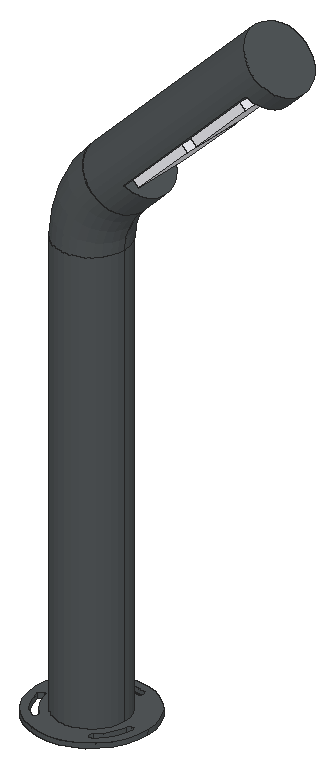
Revit family "Дио_мини", category Осветительные приборы, Revit 2019 (continued)
Parameters (values of type "ДТУ932 Светодиодный светильник Дио мини ДТУ-93-AF-12Вт-0,9")
     0.2 0.0 0.0 0.0 0.0 0.0 0.0 0.0 0.0 0.0 0.0 0.0 0.0 0.0 0.0 0.0 0.0 0.0 0.0 0.0 0.0 0.0 0.0 0.0 0.0 0.0 0.0 0.0 0.0 0.0 0.0 0.0\r\n 0.0 0.0 0.0 0.0 0.0 0.0 0.0 0.0 0.0 0.0 0.0 0.0 0.0 0.0 0.0 0.0 0.0 0.0 0.0 0.0 0.0 0.0 0.0 0.0 0.0 0.0 0.0 0.0 0.0 0.0 0.0 0.0\r\n 0.0 0.0 0.0 0.0 0.0 0.0 0.0 0.0 0.0 0.0 0.0 0.0 0.0 0.0 0.0 0.0 0.0 0.0 0.0 0.0 0.0 0.0 0.0 0.0 0.0 0.0 0.0 0.0 0.0 0.0 0.0 0.0\r\n 0.0 0.0 0.0 0.0 0.0 0.0 0.0 0.0 0.0 0.0 0.0 0.0 0.0 0.0 0.0 0.0 0.0 0.0 0.0 0.0 0.0 0.0 0.0 0.0 0.0 0.0 0.0 0.0 0.0 0.0 0.0 0.0\r\n 0.0 0.0 0.0 0.0 0.0 0.0 0.0 0.0 0.0 0.0 0.0 0.0 0.0 0.0 0.0 0.0 0.0 0.0 0.0 0.0 0.0 0.0 0.0 0.0 0.0 0.0 0.0 0.0 0.0 0.0 0.0 0.0\r\n 0.0\r\n258.3 259.4 257.6 255.6 253.4 251.7 249.7 247.7 245.5 243.0 240.2 236.7 233.8 231.0 228.5 226.3 223.7 221.4 219.5 217.8 216.1\r\n 214.3 212.5 210.1 207.4 204.3 201.0 197.3 193.1 188.8 183.9 178.8 173.3 168.0 163.1 158.3 154.0 150.1 146.3 142.3 137.8 133.3\r\n 129.2 125.5 121.8 118.1 114.4 110.8 107.4 104.3 101.3 98.2 95.5 93.0 90.6 88.2 85.8 83.5 81.2 79.1 76.9 74.9 73.0 71.0 69.2 67.3\r\n 65.3 63.5 61.7 60.1 58.8 57.6 56.5 55.5 54.7 54.0 53.3 52.6 51.8 51.1 50.4 49.7 49.0 48.2 47.2 46.1 44.9 43.7 42.5 41.3 40.1 39.0\r\n 38.0 37.1 36.3 35.6 35.1 34.7 34.4 34.3 34.2 34.2 34.1 34.0 34.0 34.1 34.3 34.5 34.7 34.8 35.0 35.3 35.5 35.7 36.1 36.6 37.1 37.6\r\n 38.3 39.0 39.9 41.3 43.8 47.6 53.3 58.9 63.8 68.7 74.0 79.9 86.8 93.9 99.7 102.5 100.0 94.3 90.3 88.0 86.5 85.0 83.0 81.4 80.5\r\n 80.2 79.9 79.9 80.0 79.9 79.5 78.4 76.4 73.3 69.3 65.4 63.4 62.1 60.8 59.3 56.2 50.5 44.4 40.0 36.1 33.4 31.5 29.9 28.0 26.3 24.5\r\n 22.7 20.9 19.2 16.8 14.2 12.6 11.4 9.6 6.6 5.2 4.6 4.2 4.1 3.9 3.8 3.5 3.2 2.7 2.4 2.0 1.6 1.3 0.8 0.4 0.2 0.2 0.2 0.2 0.2 0.2\r\n 0.2 0.2 0.0 0.0 0.0 0.0 0.0 0.0 0.0 0.0 0.0 0.0 0.0 0.0 0.0 0.0 0.0 0.0 0.0 0.0 0.0 0.0 0.0 0.0 0.0 0.0 0.0 0.0 0.0 0.0 0.0 0.0\r\n 0.0 0.0 0.0 0.0 0.0 0.0 0.0 0.0 0.0 0.0 0.0 0.0 0.0 0.0 0.0 0.0 0.0 0.0 0.0 0.0 0.0 0.0 0.0 0.0 0.0 0.0 0.0 0.0 0.0 0.0 0.0 0.0\r\n 0.0 0.0 0.0 0.0 0.0 0.0 0.0 0.0 0.0 0.0 0.0 0.0 0.0 0.0 0.0 0.0 0.0 0.0 0.0 0.0 0.0 0.0 0.0 0.0 0.0 0.0 0.0 0.0 0.0 0.0 0.0 0.0\r\n 0.0 0.0 0.0 0.0 0.0 0.0 0.0 0.0 0.0 0.0 0.0 0.0 0.0 0.0 0.0 0.0 0.0 0.0 0.0 0.0 0.0 0.0 0.0 0.0 0.0 0.0 0.0 0.0 0.0 0.0 0.0 0.0\r\n 0.0 0.0 0.0 0.0 0.0 0.0 0.0 0.0 0.0 0.0 0.0 0.0 0.0 0.0 0.0 0.0 0.0 0.0 0.0 0.0 0.0 0.0 0.0 0.0 0.0 0.0 0.0 0.0 0.0 0.0 0.0 0.0\r\n 0.0 0.0\r\n258.3 259.6 257.8 255.8 253.7 251.9 249.8 247.9 245.8 243.1 240.1 236.4 233.5 230.9 228.3 226.2 223.6 221.3 219.5 217.8 216.1\r\n 214.2 212.4 209.6 206.9 203.6 200.2 196.5 192.1 187.3 182.1 176.8 171.0 165.6 160.6 155.8 151.8 148.2 144.5 140.3 135.6 131.0\r\n 127.0 123.6 119.8 115.9 111.9 108.3 105.0 102.3 99.3 96.3 93.8 91.4 89.0 86.6 84.2 81.7 79.4 77.3 75.1 73.1 71.2 69.4 67.7 65.8\r\n 63.9 62.1 60.5 59.0 57.7 56.6 55.7 54.8 54.1 53.6 53.1 52.5 51.8 51.0 50.4 49.8 49.1 48.2 47.1 45.9 44.7 43.4 42.2 41.0 39.9 38.9\r\n 37.9 37.0 36.2 35.6 35.0 34.7 34.5 34.4 34.4 34.3 34.2 34.2 34.2 34.3 34.5 34.8 35.0 35.1 35.4 35.8 36.0 36.3 36.8 37.4 38.1 38.7\r\n 39.4 40.2 40.9 42.2 44.9 49.4 56.8 63.2 67.7 72.6 78.0 83.8 91.2 99.4 106.2 108.9 102.8 92.7 88.1 86.8 86.6 85.9 83.8 82.2 81.5\r\n 81.4 81.1 81.1 81.4 81.3 80.9 79.5 77.0 73.1 68.2 64.2 63.0 62.4 61.2 59.8 56.6 49.9 43.2 38.5 34.2 31.1 29.3 27.9 26.3 24.9 23.4\r\n 21.8 20.0 18.1 15.7 13.0 11.9 10.9 8.6 5.1 4.0 4.1 4.1 4.0 4.0 4.0 3.8 3.6 3.2 3.1 2.6 2.2 1.8 1.2 0.5 0.2 0.2 0.2 0.2 0.2 0.2\r\n 0.2 0.2 0.0 0.0 0.0 0.0 0.0 0.0 0.0 0.0 0.0 0.0 0.0 0.0 0.0 0.0 0.0 0.0 0.0 0.0 0.0 0.0 0.0 0.0 0.0 0.0 0.0 0.0 0.0 0.0 0.0 0.0\r\n 0.0 0.0 0.0 0.0 0.0 0.0 0.0 0.0 0.0 0.0 0.0 0.0 0.0 0.0 0.0 0.0 0.0 0.0 0.0 0.0 0.0 0.0 0.0 0.0 0.0 0.0 0.0 0.0 0.0 0.0 0.0 0.0\r\n 0.0 0.0 0.0 0.0 0.0 0.0 0.0 0.0 0.0 0.0 0.0 0.0 0.0 0.0 0.0 0.0 0.0 0.0 0.0 0.0 0.0 0.0 0.0 0.0 0.0 0.0 0.0 0.0 0.0 0.0 0.0 0.0\r\n 0.0 0.0 0.0 0.0 0.0 0.0 0.0 0.0 0.0 0.0 0.0 0.0 0.0 0.0 0.0 0.0 0.0 0.0 0.0 0.0 0.0 0.0 0.0 0.0 0.0 0.0 0.0 0.0 0.0 0.0 0.0 0.0\r\n 0.0 0.0 0.0 0.0 0.0 0.0 0.0 0.0 0.0 0.0 0.0 0.0 0.0 0.0 0.0 0.0 0.0 0.0 0.0 0.0 0.0 0.0 0.0 0.0 0.0 0.0 0.0 0.0 0.0 0.0 0.0 0.0\r\n 0.0 0.0\r\n258.3 259.5 257.6 255.6 253.7 251.8 249.7 247.9 245.9 243.5 240.9 237.8 234.8 231.9 229.3 226.8 224.4 222.0 220.0 218.4 216.6\r\n 214.8 213.1 210.9 208.4 205.5 202.4 198.6 194.5 190.4 185.9 180.7 175.4 170.0 165.0 160.1 155.8 151.7 147.8 143.6 139.3 134.8\r\n 130.6 126.8 123.2 119.6 115.9 112.2 108.7 105.2 102.1 99.1 96.3 93.8 91.3 88.8 86.4 84.0 81.6 79.4 77.3 75.2 73.2 71.3 69.4 67.6\r\n 65.6 63.6 61.8 60.3 58.8 57.6 56.5 55.5 54.6 53.8 53.0 52.4 51.7 51.1 50.4 49.7 49.1 48.3 47.3 46.3 45.2 44.1 42.9 41.7 40.4 39.3\r\n 38.3 37.4 36.5 35.8 35.2 34.7 34.3 34.1 34.0 33.9 33.9 33.8 33.7 33.8 33.9 34.0 34.1 34.3 34.5 34.8 35.0 35.2 35.5 35.8 36.3 36.8\r\n 37.5 38.3 39.2 40.5 42.6 45.7 50.4 56.4 61.6 66.5 71.7 77.5 84.0 91.2 97.1 101.0 101.1 96.2 90.7 87.5 86.1 85.1 83.7 82.0 80.8\r\n 80.4 80.3 80.3 80.6 80.5 79.9 78.7 76.8 74.3 70.8 66.9 64.1 62.7 61.6 60.3 58.0 53.2 46.9 41.9 37.9 34.3 32.1 30.3 28.4 26.8 25.0\r\n 23.1 21.3 19.6 17.7 15.1 13.0 11.8 10.5 7.4 5.5 4.5 4.1 3.9 3.8 3.7 3.5 3.1 2.7 2.3 2.0 1.7 1.3 1.0 0.4 0.1 0.1 0.1 0.1 0.1 0.1\r\n 0.1 0.1 0.0 0.0 0.0 0.0 0.0 0.0 0.0 0.0 0.0 0.0 0.0 0.0 0.0 0.0 0.0 0.0 0.0 0.0 0.0 0.0 0.0 0.0 0.0 0.0 0.0 0.0 0.0 0.0 0.0 0.0\r\n 0.0 0.0 0.0 0.0 0.0 0.0 0.0 0.0 0.0 0.0 0.0 0.0 0.0 0.0 0.0 0.0 0.0 0.0 0.0 0.0 0.0 0.0 0.0 0.0 0.0 0.0 0.0 0.0 0.0 0.0 0.0 0.0\r\n 0.0 0.0 0.0 0.0 0.0 0.0 0.0 0.0 0.0 0.0 0.0 0.0 0.0 0.0 0.0 0.0 0.0 0.0 0.0 0.0 0.0 0.0 0.0 0.0 0.0 0.0 0.0 0.0 0.0 0.0 0.0 0.0\r\n 0.0 0.0 0.0 0.0 0.0 0.0 0.0 0.0 0.0 0.0 0.0 0.0 0.0 0.0 0.0 0.0 0.0 0.0 0.0 0.0 0.0 0.0 0.0 0.0 0.0 0.0 0.0 0.0 0.0 0.0 0.0 0.0\r\n 0.0 0.0 0.0 0.0 0.0 0.0 0.0 0.0 0.0 0.0 0.0 0.0 0.0 0.0 0.0 0.0 0.0 0.0 0.0 0.0 0.0 0.0 0.0 0.0 0.0 0.0 0.0 0.0 0.0 0.0 0.0 0.0\r\n 0.0 0.0\r\n258.3 259.3 257.5 255.5 253.7 251.7 249.7 247.9 245.9 243.5 240.8 237.6 234.6 231.9 229.3 226.9 224.4 221.9 219.9 218.2 216.5\r\n 214.7 212.9 210.7 208.2 205.5 202.4 198.9 194.8 190.6 186.1 181.2 176.0 170.7 165.5 160.7 156.2 152.1 148.3 144.3 139.9 135.4\r\n 131.2 127.4 123.9 120.4 116.7 112.9 109.4 106.3 103.2 100.1 97.3 94.7 92.2 89.8 87.4 85.1 82.7 80.4 78.2 76.1 74.1 72.1 70.1 68.2\r\n 66.2 64.3 62.5 60.9 59.4 58.2 57.0 56.0 55.0 54.1 53.3 52.4 51.7 50.9 50.2 49.5 48.9 48.1 47.3 46.4 45.3 44.0 42.8 41.6 40.4 39.2\r\n 38.1 37.1 36.2 35.5 34.9 34.4 34.0 33.6 33.5 33.4 33.3 33.2 33.2 33.2 33.3 33.5 33.6 33.8 33.9 34.1 34.2 34.4 34.7 35.0 35.4 35.8\r\n 36.5 37.2 38.2 39.8 42.0 44.8 48.5 53.4 58.6 63.7 69.1 75.4 81.8 87.3 91.8 94.8 96.0 94.8 91.6 88.2 85.6 83.6 82.0 80.8 79.8 79.5\r\n 79.6 79.8 79.8 79.4 78.5 77.4 75.8 73.7 70.7 67.2 64.3 62.5 61.3 59.8 56.8 51.8 46.3 42.1 38.9 36.2 34.2 32.2 30.2 28.0 25.9 24.0\r\n 22.2 20.5 18.5 15.8 13.7 12.3 10.8 8.2 6.3 5.0 4.3 3.9 3.7 3.4 3.2 2.7 2.1 1.6 1.3 1.1 0.8 0.5 0.2 0.1 0.1 0.1 0.1 0.1 0.1 0.1\r\n 0.1 0.0 0.0 0.0 0.0 0.0 0.0 0.0 0.0 0.0 0.0 0.0 0.0 0.0 0.0 0.0 0.0 0.0 0.0 0.0 0.0 0.0 0.0 0.0 0.0 0.0 0.0 0.0 0.0 0.0 0.0 0.0\r\n 0.0 0.0 0.0 0.0 0.0 0.0 0.0 0.0 0.0 0.0 0.0 0.0 0.0 0.0 0.0 0.0 0.0 0.0 0.0 0.0 0.0 0.0 0.0 0.0 0.0 0.0 0.0 0.0 0.0 0.0 0.0 0.0\r\n 0.0 0.0 0.0 0.0 0.0 0.0 0.0 0.0 0.0 0.0 0.0 0.0 0.0 0.0 0.0 0.0 0.0 0.0 0.0 0.0 0.0 0.0 0.0 0.0 0.0 0.0 0.0 0.0 0.0 0.0 0.0 0.0\r\n 0.0 0.0 0.0 0.0 0.0 0.0 0.0 0.0 0.0 0.0 0.0 0.0 0.0 0.0 0.0 0.0 0.0 0.0 0.0 0.0 0.0 0.0 0.0 0.0 0.0 0.0 0.0 0.0 0.0 0.0 0.0 0.0\r\n 0.0 0.0 0.0 0.0 0.0 0.0 0.0 0.0 0.0 0.0 0.0 0.0 0.0 0.0 0.0 0.0 0.0 0.0 0.0 0.0 0.0 0.0 0.0 0.0 0.0 0.0 0.0 0.0 0.0 0.0 0.0 0.0\r\n 0.0\r\n258.3 259.1 257.4 255.5 253.7 251.6 249.7 247.9 245.9 243.6 241.0 238.2 235.2 232.3 229.7 227.3 224.9 222.4 220.3 218.5 216.8\r\n 215.1 213.3 211.3 209.0 206.5 203.6 200.2 196.7 193.1 189.0 184.4 179.4 174.1 169.0 164.1 159.4 155.1 151.1 147.3 143.2 139.0\r\n 134.6 130.6 126.8 123.3 119.9 116.3 112.9 109.4 106.1 102.9 99.9 97.2 94.6 92.2 89.8 87.6 85.3 83.0 80.8 78.7 76.6 74.4 72.4 70.4\r\n 68.4 66.5 64.6 62.8 61.1 59.6 58.3 57.2 56.0 55.0 54.0 53.0 52.0 51.2 50.4 49.7 49.1 48.5 47.8 47.1 46.2 45.1 43.9 42.7 41.5 40.2\r\n 39.0 37.8 36.6 35.6 34.7 34.0 33.4 32.9 32.6 32.3 32.2 32.2 32.2 32.2 32.2 32.3 32.4 32.6 32.9 33.1 33.3 33.5 33.7 33.9 34.1 34.3\r\n 34.6 35.0 35.9 37.3 39.3 41.7 44.8 48.3 52.4 57.2 62.5 68.2 74.0 79.3 83.8 87.1 89.0 89.8 89.3 87.3 84.6 81.8 79.8 78.3 77.2 76.5\r\n 76.4 76.8 77.2 77.1 76.1 74.6 73.3 71.8 69.8 67.3 64.3 61.6 59.5 57.6 55.7 52.9 49.1 44.8 41.1 38.1 35.4 33.0 30.9 29.0 27.1 25.3\r\n 23.5 21.7 19.7 17.2 14.7 12.8 11.3 10.2 8.9 7.1 5.2 4.5 4.0 3.6 3.3 3.0 2.3 1.7 1.3 0.9 0.6 0.3 0.2 0.1 0.1 0.1 0.1 0.1 0.1 0.1\r\n 0.1 0.0 0.0 0.0 0.0 0.0 0.0 0.0 0.0 0.0 0.0 0.0 0.0 0.0 0.0 0.0 0.0 0.0 0.0 0.0 0.0 0.0 0.0 0.0 0.0 0.0 0.0 0.0 0.0 0.0 0.0 0.0\r\n 0.0 0.0 0.0 0.0 0.0 0.0 0.0 0.0 0.0 0.0 0.0 0.0 0.0 0.0 0.0 0.0 0.0 0.0 0.0 0.0 0.0 0.0 0.0 0.0 0.0 0.0 0.0 0.0 0.0 0.0 0.0 0.0\r\n 0.0 0.0 0.0 0.0 0.0 0.0 0.0 0.0 0.0 0.0 0.0 0.0 0.0 0.0 0.0 0.0 0.0 0.0 0.0 0.0 0.0 0.0 0.0 0.0 0.0 0.0 0.0 0.0 0.0 0.0 0.0 0.0\r\n 0.0 0.0 0.0 0.0 0.0 0.0 0.0 0.0 0.0 0.0 0.0 0.0 0.0 0.0 0.0 0.0 0.0 0.0 0.0 0.0 0.0 0.0 0.0 0.0 0.0 0.0 0.0 0.0 0.0 0.0 0.0 0.0\r\n 0.0 0.0 0.0 0.0 0.0 0.0 0.0 0.0 0.0 0.0 0.0 0.0 0.0 0.0 0.0 0.0 0.0 0.0 0.0 0.0 0.0 0.0 0.0 0.0 0.0 0.0 0.0 0.0 0.0 0.0 0.0 0.0\r\n 0.0\r\n258.3 259.0 257.3 255.4 253.6 251.7 249.7 247.9 246.0 243.8 241.4 238.6 235.5 232.8 230.1 227.6 225.3 222.8 220.6 218.8 217.0\r\n 215.3 213.6 211.7 209.6 207.3 204.6 201.7 198.4 194.7 190.9 186.8 182.1 177.1 172.1 167.1 162.3 158.0 153.7 149.8 146.1 142.2\r\n 138.0 133.9 129.9 126.2 122.9 119.6 116.1 112.9 109.6 106.4 103.4 100.7 97.9 95.4 93.1 90.9 88.7 86.6 84.4 82.2 80.3 78.1 75.9\r\n 73.7 71.6 69.5 67.4 65.4 63.6 61.9 60.4 59.0 57.8 56.6 55.5 54.3 53.2 52.2 51.3 50.5 49.8 49.1 48.5 47.8 47.0 46.0 45.0 43.9 42.6\r\n 41.3 40.0 38.7 37.5 36.4 35.4 34.5 33.7 33.1 32.6 32.1 31.8 31.6 31.5 31.5 31.5 31.6 31.6 31.8 32.0 32.2 32.4 32.6 32.9 33.0 33.0\r\n 33.0 33.1 33.4 34.1 35.3 36.8 38.7 41.2 44.0 47.0 50.5 55.0 60.1 65.1 69.6 74.0 77.8 80.4 82.1 83.3 83.3 81.5 79.0 76.8 75.0 73.6\r\n 72.7 72.0 71.6 71.6 71.6 71.5 70.7 69.0 67.2 65.4 63.7 61.9 60.1 58.2 56.0 53.5 50.9 48.3 45.6 42.9 40.1 37.5 35.1 33.2 31.2 29.1\r\n 27.0 24.8 22.8 20.6 18.0 15.1 12.8 11.3 10.0 8.7 6.7 5.7 5.2 4.7 4.2 3.4 2.7 2.1 1.7 1.3 0.9 0.6 0.4 0.3 0.2 0.2 0.2 0.2 0.2 0.2\r\n 0.2 0.1 0.0 0.0 0.0 0.0 0.0 0.0 0.0 0.0 0.0 0.0 0.0 0.0 0.0 0.0 0.0 0.0 0.0 0.0 0.0 0.0 0.0 0.0 0.0 0.0 0.0 0.0 0.0 0.0 0.0 0.0\r\n 0.0 0.0 0.0 0.0 0.0 0.0 0.0 0.0 0.0 0.0 0.0 0.0 0.0 0.0 0.0 0.0 0.0 0.0 0.0 0.0 0.0 0.0 0.0 0.0 0.0 0.0 0.0 0.0 0.0 0.0 0.0 0.0\r\n 0.0 0.0 0.0 0.0 0.0 0.0 0.0 0.0 0.0 0.0 0.0 0.0 0.0 0.0 0.0 0.0 0.0 0.0 0.0 0.0 0.0 0.0 0.0 0.0 0.0 0.0 0.0 0.0 0.0 0.0 0.0 0.0\r\n 0.0 0.0 0.0 0.0 0.0 0.0 0.0 0.0 0.0 0.0 0.0 0.0 0.0 0.0 0.0 0.0 0.0 0.0 0.0 0.0 0.0 0.0 0.0 0.0 0.0 0.0 0.0 0.0 0.0 0.0 0.0 0.0\r\n 0.0 0.0 0.0 0.0 0.0 0.0 0.0 0.0 0.0 0.0 0.0 0.0 0.0 0.0 0.0 0.0 0.0 0.0 0.0 0.0 0.0 0.0 0.0 0.0 0.0 0.0 0.0 0.0 0.0 0.0 0.0 0.0\r\n 0.0 0.0\r\n258.3 258.7 257.2 255.4 253.6 251.7 249.8 248.1 246.2 244.2 241.9 239.4 236.6 233.7 230.9 228.4 226.2 223.9 221.6 219.5 217.8\r\n 216.1 214.4 212.8 210.9 208.9 206.6 204.1 201.3 198.0 194.6 191.1 187.0 182.7 178.0 173.0 168.4 163.8 159.4 155.3 151.3 147.7\r\n 143.9 140.2 136.3 132.2 128.5 125.2 121.9 118.8 115.8 112.7 109.7 106.7 103.9 101.2 98.6 96.3 94.1 91.9 89.8 87.7 85.5 83.4 81.4\r\n 79.3 77.1 74.7 72.6 70.5 68.4 66.4 64.5 62.8 61.3 59.9 58.6 57.3 56.0 54.7 53.5 52.4 51.5 50.7 49.9 49.2 48.3 47.5 46.6 45.6 44.6\r\n 43.5 42.2 41.0 39.7 38.5 37.4 36.3 35.4 34.6 33.8 33.1 32.5 32.1 31.7 31.5 31.4 31.5 31.7 31.9 32.1 32.4 32.9 33.8 34.6 34.7 34.2\r\n 33.3 32.9 32.9 33.3 34.2 35.4 36.8 38.6 40.7 43.0 45.4 48.2 51.3 54.9 58.8 62.7 66.2 69.3 71.8 74.1 75.8 77.0 77.5 76.0 73.2 70.8\r\n 69.2 68.0 67.0 66.5 66.1 65.5 64.9 64.6 63.9 62.2 60.3 58.7 57.1 55.6 54.0 52.2 50.0 47.7 44.9 42.3 40.0 38.0 36.3 34.6 32.9 31.1\r\n 29.1 26.5 24.6 22.3 19.1 15.9 13.3 11.4 9.9 8.5 7.0 5.7 5.1 4.6 4.2 3.7 3.0 2.4 2.0 1.6 1.1 0.8 0.6 0.5 0.4 0.3 0.3 0.3 0.2 0.2\r\n 0.2 0.2 0.0 0.0 0.0 0.0 0.0 0.0 0.0 0.0 0.0 0.0 0.0 0.0 0.0 0.0 0.0 0.0 0.0 0.0 0.0 0.0 0.0 0.0 0.0 0.0 0.0 0.0 0.0 0.0 0.0 0.0\r\n 0.0 0.0 0.0 0.0 0.0 0.0 0.0 0.0 0.0 0.0 0.0 0.0 0.0 0.0 0.0 0.0 0.0 0.0 0.0 0.0 0.0 0.0 0.0 0.0 0.0 0.0 0.0 0.0 0.0 0.0 0.0 0.0\r\n 0.0 0.0 0.0 0.0 0.0 0.0 0.0 0.0 0.0 0.0 0.0 0.0 0.0 0.0 0.0 0.0 0.0 0.0 0.0 0.0 0.0 0.0 0.0 0.0 0.0 0.0 0.0 0.0 0.0 0.0 0.0 0.0\r\n 0.0 0.0 0.0 0.0 0.0 0.0 0.0 0.0 0.0 0.0 0.0 0.0 0.0 0.0 0.0 0.0 0.0 0.0 0.0 0.0 0.0 0.0 0.0 0.0 0.0 0.0 0.0 0.0 0.0 0.0 0.0 0.0\r\n 0.0 0.0 0.0 0.0 0.0 0.0 0.0 0.0 0.0 0.0 0.0 0.0 0.0 0.0 0.0 0.0 0.0 0.0 0.0 0.0 0.0 0.0 0.0 0.0 0.0 0.0 0.0 0.0 0.0 0.0 0.0 0.0\r\n 0.0 0.0\r\n258.3 258.5 257.1 255.3 253.6 251.8 249.9 248.3 246.4 244.6 242.4 240.2 237.5 234.7 231.9 229.4 227.0 224.8 222.5 220.4 218.5\r\n 216.8 215.1 213.6 211.9 210.2 208.2 206.0 203.4 200.8 197.8 194.6 191.0 187.3 183.1 178.8 174.3 169.8 165.3 161.1 156.9 153.1\r\n 149.5 146.0 142.7 139.2 135.4 131.5 128.2 124.9 122.1 119.1 116.2 113.4 110.6 108.0 105.6 103.2 100.8 98.5 96.2 94.2 92.0 89.9\r\n 87.9 85.8 83.8 81.6 79.5 77.3 75.1 72.9 70.8 68.8 66.8 65.1 63.2 61.5 59.9 58.3 56.8 55.3 54.0 52.9 51.8 50.8 49.7 48.8 47.9 46.9\r\n 46.1 45.2 44.2 43.3 42.2 41.0 39.9 38.9 37.9 36.9 36.0 35.2 34.4 33.7 33.1 32.6 32.2 31.9 31.7 31.5 31.6 31.7 31.8 32.2 32.6 32.6\r\n 32.4 32.3 32.2 32.2 32.3 32.7 33.4 34.3 35.5 37.1 39.0 40.9 43.1 45.7 48.6 51.2 53.5 55.9 58.5 61.3 63.1 64.3 65.7 67.2 68.9 69.7\r\n 69.6 68.2 65.5 63.7 62.5 61.3 60.3 59.9 59.7 59.7 59.6 59.3 58.1 56.4 54.8 53.2 51.7 49.9 47.8 45.4 43.0 40.7 38.5 36.6 34.9 33.3\r\n 31.6 29.6 27.1 24.7 22.7 20.8 17.7 14.8 12.6 10.8 9.1 7.7 6.5 5.8 5.3 4.8 4.2 3.6 2.9 2.4 2.0 1.6 1.3 1.1 0.9 0.8 0.8 0.7 0.6 0.6\r\n 0.5 0.4 0.3 0.0 0.0 0.0 0.0 0.0 0.0 0.0 0.0 0.0 0.0 0.0 0.0 0.0 0.0 0.0 0.0 0.0 0.0 0.0 0.0 0.0 0.0 0.0 0.0 0.0 0.0 0.0 0.0 0.0\r\n 0.0 0.0 0.0 0.0 0.0 0.0 0.0 0.0 0.0 0.0 0.0 0.0 0.0 0.0 0.0 0.0 0.0 0.0 0.0 0.0 0.0 0.0 0.0 0.0 0.0 0.0 0.0 0.0 0.0 0.0 0.0 0.0\r\n 0.0 0.0 0.0 0.0 0.0 0.0 0.0 0.0 0.0 0.0 0.0 0.0 0.0 0.0 0.0 0.0 0.0 0.0 0.0 0.0 0.0 0.0 0.0 0.0 0.0 0.0 0.0 0.0 0.0 0.0 0.0 0.0\r\n 0.0 0.0 0.0 0.0 0.0 0.0 0.0 0.0 0.0 0.0 0.0 0.0 0.0 0.0 0.0 0.0 0.0 0.0 0.0 0.0 0.0 0.0 0.0 0.0 0.0 0.0 0.0 0.0 0.0 0.0 0.0 0.0\r\n 0.0 0.0 0.0 0.0 0.0 0.0 0.0 0.0 0.0 0.0 0.0 0.0 0.0 0.0 0.0 0.0 0.0 0.0 0.0 0.0 0.0 0.0 0.0 0.0 0.0 0.0 0.0 0.0 0.0 0.0 0.0 0.0\r\n 0.0 0.0 0.0\r\n258.3 258.4 257.0 255.3 253.7 252.0 250.1 248.5 246.8 245.1 243.3 241.2 238.9 236.1 233.5 230.8 228.4 226.3 224.1 222.0 220.0\r\n 218.1 216.4 214.9 213.4 211.9 210.3 208.5 206.6 204.4 202.0 199.2 196.3 193.4 190.1 186.6 182.7 178.7 174.5 170.2 166.0 162.0\r\n 158.2 154.4 151.0 147.8 144.6 141.4 138.3 134.7 131.3 128.2 125.3 122.6 119.9 117.2 114.6 112.2 109.9 107.6 105.6 103.5 101.4\r\n 99.4 97.3 95.1 92.9 90.6 88.4 86.2 84.1 81.9 79.8 77.6 75.4 73.3 71.2 69.0 67.0 65.0 63.0 61.0 59.2 57.5 56.0 54.7 53.4 52.3 51.2\r\n 50.2 49.0 48.0 47.0 46.1 45.3 44.4 43.5 42.6 41.6 40.7 39.8 38.9 38.0 37.2 36.4 35.7 35.1 34.5 34.0 33.5 33.2 33.0 32.8 32.6 32.5\r\n 32.3 32.1 31.9 31.7 31.5 31.5 31.4 31.5 31.7 32.0 32.8 33.9 35.2 36.9 38.9 41.1 43.8 46.8 49.8 51.9 53.4 54.4 54.9 55.4 56.7 58.4\r\n 59.5 60.3 61.2 62.2 63.1 63.3 62.5 60.6 59.1 58.1 57.5 57.4 57.4 57.5 57.7 57.7 57.1 55.5 53.6 51.7 49.8 47.7 45.0 42.5 40.2 38.1\r\n 35.7 33.0 30.4 28.0 26.0 24.3 22.6 20.4 17.5 14.7 12.8 10.9 9.0 7.8 7.0 6.2 5.6 4.9 4.3 3.7 3.1 2.4 1.9 1.5 1.3 1.1 1.1 1.1 1.0\r\n 0.9 0.9 0.8 0.8 0.6 0.1 0.0 0.0 0.0 0.0 0.0 0.0 0.0 0.0 0.0 0.0 0.0 0.0 0.0 0.0 0.0 0.0 0.0 0.0 0.0 0.0 0.0 0.0 0.0 0.0 0.0 0.0\r\n 0.0 0.0 0.0 0.0 0.0 0.0 0.0 0.0 0.0 0.0 0.0 0.0 0.0 0.0 0.0 0.0 0.0 0.0 0.0 0.0 0.0 0.0 0.0 0.0 0.0 0.0 0.0 0.0 0.0 0.0 0.0 0.0\r\n 0.0 0.0 0.0 0.0 0.0 0.0 0.0 0.0 0.0 0.0 0.0 0.0 0.0 0.0 0.0 0.0 0.0 0.0 0.0 0.0 0.0 0.0 0.0 0.0 0.0 0.0 0.0 0.0 0.0 0.0 0.0 0.0\r\n 0.0 0.0 0.0 0.0 0.0 0.0 0.0 0.0 0.0 0.0 0.0 0.0 0.0 0.0 0.0 0.0 0.0 0.0 0.0 0.0 0.0 0.0 0.0 0.0 0.0 0.0 0.0 0.0 0.0 0.0 0.0 0.0\r\n 0.0 0.0 0.0 0.0 0.0 0.0 0.0 0.0 0.0 0.0 0.0 0.0 0.0 0.0 0.0 0.0 0.0 0.0 0.0 0.0 0.0 0.0 0.0 0.0 0.0 0.0 0.0 0.0 0.0 0.0 0.0 0.0\r\n 0.0 0.0 0.0 0.0 0.0\r\n258.3 258.3 25
